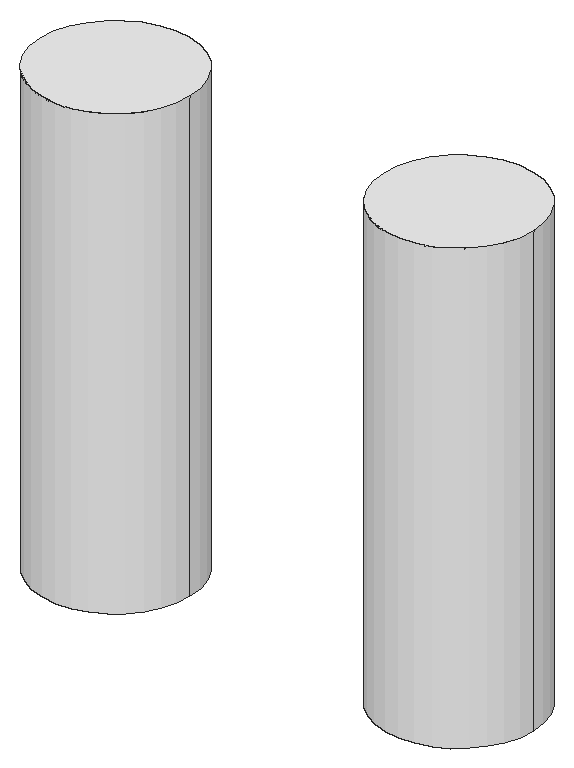
Revit family "45012283", category Plumbing Fixtures, Revit 2020
Family settings
  Round Connector Dimension = Use Diameter
  Part Type = Normal
  OmniClass Number = 23.45.55.00
  OmniClass Title = Sanitary Faucets, Wastes
  Work Plane-Based = No
  Always vertical = Yes
  Cut with Voids When Loaded = No
  Shared = No
  Room Calculation Point = No
Parameters (values of type "45012283 Washbasin faucet")
  Working Pressure = "50 - 1000 kPa"
  WarrantyStartDate [instance] = "n/a"
  WarrantyGuarantorParts = "n/a"
  WarrantyGuarantorLabor = "n/a"
  WarrantyDurationUnit = "Year"
  WarrantyDurationParts = "n/a"
  WarrantyDurationLabor = "n/a"
  WarrantyDescription = "http://warranty.hansa.com"
  Warranty Information URL = "http://warranty.hansa.com"
  VersionDate = "01/06/2023"
  Version = "1"
  ValvePattern = "n/a"
  ValveOperation = "n/a"
  ValveMechanism = "n/a"
  Uniclass2015Reference = "Pr_40_20_87_96"
  Uniclass2015Description = "Washbasin manual water supply sets"
  Uniclass2 = "Pr_40_30_96_96"
  URL UWL = "http://static.hansa.com/UWL/45012283"
  URL REACH = "http://static.hansa.com/doc/reach"
  URL Materials Declaration = "http://www.hansa.com/fileadmin/resources/182268_45012283_materialsdeclaration.pdf"
  URL Environmental Product Declaration EPD = "http://www.hansa.com/fileadmin/resources/184523_EPD_Washbasin faucet.pdf"
  URL EcoLabel Declaration = "http://static.hansa.com/doc/EcoLabel"
  URL EU Packaging Declaration = "http://static.hansa.com/doc/packaging"
  URL Declaration of SCIP = "http://static.hansa.com/doc/SCIP"
  URL Declaration of Conformity = "http://static.hansa.com/DoC/45012283"
  URL Declaration of Asbestos = "http://static.hansa.com/doc/asbestos"
  URL Declaration Of Performance (DOP) = "http://static.hansa.com/doc/DoP"
  URL ABP = "http://static.hansa.com/ABP/45012283"
  URL = ""
  UNSPSC Class Number = "30181700 Faucets or taps"
  TestPressure = "n/a"
  Temperature Adjustments = "Limitation option for maximum temperature and flow-rate ;Adjustable hot water stop (included, retrofittable)"
  Technical DataSheet URL = "http://www.hansa.com/datasheet/45012283/en"
  TagNumber [instance] = "n/a"
  SustainabilityPerformance = "n/a"
  Surface treatment = "Chrome"
  Spout Type = "Fixed spout"
  Spout Projection = "115 mm"
  Spare-Part Information URL = "http://static.hansa.com/sp/45012283"
  Size = "50x169x165 mm"
  Shape = "Sculptured"
  SerialNumber [instance] = "n/a"
  Sales Package dimensions (LxWxH) = "380 x 180 x 74"
  Revision = "n/a"
  ReplacementCost = "n/a"
  ProductInformation = "n/a"
  Product URL = "http://static.hansa.com/45012283"
  Product Image URL = "http://static.hansa.com/image/45012283"
  Product Family = "HANSAPINTO XL"
  Product Code = "45012283"
  OperatingMechanismMaterial = "n/a"
  NominalWidth = 50 mm
  NominalHeight = 165 mm
  NominalDepth = 168.5 mm
  Noise Class = "I (ISO 3822)"
  Name_en = "45012283 Washbasin faucet"
  Name = "45012283 Washbasin faucet"
  NBSReference = "45-35-70/371"
  NBSDescription = "Water supply fittings for wash basins and troughs"
  Mounting Holes = "1 hole"
  ModelReference = "45012283"
  ModelNumber = "n/a"
  Model = "45012283 Washbasin faucet"
  Mobile Product Information URL = "http://mpi.hansa.com/45012283"
  Mechanical Parts = "ø 40 mm ceramic cartridge for flow and temperature control"
  Max. Hot Water Supply = 70 °C
  Material = "Brass"
  Market = "Austria;Belgium;Czech Republic;Germany;Spain;France;International;Italy;Netherlands;Slovakia"
  ManufacturerURL = "http://www.hansa.com"
  ManufacturerName = "HANSA"
  Manufacturer = "HANSA"
  Lever Handle = "Hot/Cold symbols;Single operating lever/handle"
  Keynote = ""
  Interactive AR View URL = "https://static.hansa.com/AR/45012283"
  InstallationDate [instance] = "n/a"
  Installation and Maintenance Guide URL = "http://static.hansa.com/manual/45012283"
  Installation Type = "Deck mounted"
  InletConnectionSize = 10 mm
  IfcExportType = "FAUCET"  # constant formula
  IfcExportAs = "IfcValveType"  # constant formula
  Group = "Washbasin faucet"
  Grade = "n/a"
  FlowCoefficient = 0
  Flow Rate At 300kPa With Flow Controller = 0.1 L/s
  Flow Drawing URL = "http://static.hansa.com/flowchart/45012283"
  Finish = "Polished"
  Features = "Single-lever"
  FaucetMainMaterial = Brass
  FDV Document URL = "http://www.hansa.com/datasheet/45012283/en/fdv"
  Extensions = "Pop-up waste with draw-rod"
  ExpectedLife = "n/a"
  ETIM Class Number = "EC011328 Washbasin mixing tap"
  EN Standard = "EN 817"
  EAN Number = "4057304005596"
  DurationUnit = "Year"
  Dimension Drawing URL = "http://static.hansa.com/dimdrw/45012283"
  Description = ""
  DefaultElevation [instance] = 900 mm
  Default Elevation = 0 mm
  Constituents = "n/a"
  Connection Size = "G3/8"
  Connection = "Flexible inlet pipes"
  Color = "Chrome"
  CodePerformance = "n/a"
  CloseOffRating = 0
  Category = "Washbasin"
  Catalog Drawing URL = "http://static.hansa.com/catdrw/45012283"
  CO2 Emissions (D) = -6.69
  CO2 Emissions (C4) = 0.07
  CO2 Emissions (C3) = 0.02
  CO2 Emissions (C2) = 0.02
  CO2 Emissions (B7) = 1854
  CO2 Emissions (A4) = 0.26
  CO2 Emissions (A1-A3) = 9.41
  Brand = "HANSA"
  BodyMaterial = "Brass"
  Barcode [instance] = "n/a"
  Backflow Prevention EN1717 = "AA"
  BIMObjectName = "45012283"
  Author = "BIMStone"
  AssetType = "Fixed"
  AssetIdentifier [instance] = "n/a"
  Approval ABP = "P-IX 29684/IA"
  Aerator = "PCA® - constant flow rate regardless of pressure variations;Standard aerator"
  Advanced Features = "3S-installation system for safe and simple mounting;Inner body made of DZR brass"
  Additional Features = "grease without Silicon"
  AccessibilityPerformance = "n/a"
  3D View = "https://static.hansa.com/AR/45012283"
  2D/3D/BIM Files URL = "http://static.hansa.com/bim/45012283"
Reference planes
  plane 1 "Center (Front/Back)": y = 0
  plane 2: z = 0
  plane 3 "Center (Left/Right)": x = 0
  plane 4: x = -25
  plane 5: z = 900
  plane 6: z = 870
  plane 7: y = -168.5
  plane 8: x = 25
  plane 9: z = 1065
Forms (mm)
  Extrusion 1, solid, material "Brass" <- "FaucetMainMaterial"
    sketch origin (0, -17.801, 0) x (1, 0, 0) y (0, 1, 0)
      loop
        circle (-11.5, -22.5) r 5
      loop
        circle (11.5, -22.5) r 5
    from 870 to 900
Dimensions and locks
  "DefaultElevation": plane 5 to level
  locked: plane 5 to plane 6 at 30
  "NominalDepth": plane 7 to plane 1 "Center (Front/Back)"
  equal spacing: plane 4, plane 3 "Center (Left/Right)", plane 8
  "NominalHeight": plane 9 to plane 5
  "NominalWidth": plane 4 to plane 8
  "InletConnectionSize": diameter of Extrusion 1 sketch curve  (x2)
  aligned and locked: level to plane 2
  aligned and locked: plane 5 to Extrusion 1
  aligned and locked: Extrusion 1 to plane 6
  aligned and locked: nested 2 to plane 5
Automatic sketch dimensions
  Extrusion 1 sketch curve to plane 3 "Center (Left/Right)" = 11.5 mm
  plane 3 "Center (Left/Right)" to Extrusion 1 sketch curve = 11.5 mm
  plane 1 "Center (Front/Back)" to Extrusion 1 sketch curve = 40.301 mm  (x2)
Nested families
  nested 1: "Symbol" at (0, 0, 0), type "Symbol", detail levels coarse
  nested 2: "45012283_p" at (0, 0, 900), Material <- "FaucetMainMaterial", type "45012283_p"
    with Material Brass
Connectors
  piping at (-11.5, -40.301, 870), diameter 10, driven by "InletConnectionSize"
    settings: on Extrusion 1, index 1, connector inside diameter 609.6 mm, connector length 0 mm, flow factor 0, pipe flow 0.1 L/s, pressure drop 0.0 Pa, fitting loss kfactor 0, connector angle 0.00°, fixture units 0, engagement length 0 mm, angle of deflection 0.00°, flow configuration 1, flow direction 1, fitting loss method 0, system type 19, joint type 0, gender type 0, connector reference index -1, connector utility 0, adjustable connector no, is connector primary yes, connector description ""
  piping at (11.5, -40.301, 870), diameter 10, driven by "InletConnectionSize"
    settings: on Extrusion 1, index 2, connector inside diameter 609.6 mm, connector length 0 mm, flow factor 0, pipe flow 0.1 L/s, pressure drop 0.0 Pa, fitting loss kfactor 0, connector angle 0.00°, fixture units 0, engagement length 0 mm, angle of deflection 0.00°, flow configuration 1, flow direction 1, fitting loss method 0, system type 20, joint type 0, gender type 0, connector reference index -1, connector utility 0, adjustable connector no, is connector primary no, connector description ""
Definition of nested family "Symbol"
  Reference planes
    plane 1: y = 0
    plane 2: x = 0
  Lines and regions (mm)
    detail lines
      curve 1: line (0, 0, 0) -> (0, -1.8, 0)
      curve 2: line (-0.4, -1.1, 0) -> (0.4, -1.1, 0)
      curve 3: line (-0.4, -1.4, 0) -> (0.4, -1.4, 0)
      curve 4: line (0.863, 0, 0) -> (-0.863, 0, 0)
      curve 5: circle (-1.163, 0, 0) r 0.3 normal (0, 0, -1)
      curve 6: circle (1.163, 0, 0) r 0.3 normal (0, 0, 1)
Definition of nested family "45012283_p"
  Parameters (values of type "45012283_p")
    Material [instance] = none
    Default Elevation = 0 mm
  Reference planes
    plane 1 "Center (Front/Back)": y = 0
    plane 2: z = 0
    plane 3 "Center (Left/Right)": x = 0
    plane 4: x = 25
    plane 5: x = -25
    plane 6: z = 165
    plane 7: y = -168.377
  Forms (mm)
    Revolve 1, solid, material <- "Material", detail levels medium
      sketch origin (0, 0, 0) x (0, 1, 0) y (0, 0, 1)
        loop
          line (-15.596, -17.308) -> (-22.043, 167.295) -> (-46.143, 167.295) -> (-39.696, -17.308) -> (-15.596, -17.308)
        axis (-39.667, -18.148) -> (-46.143, 167.295)
      angle from 0 to 360
    Extrusion 2, void
      sketch origin (0, 0, 0) x (0, 1, 0) y (0, 0, 1)
        loop
          line (-7.751, 0) -> (-82.751, 0) -> (-82.751, -35) -> (-7.751, -35) -> (-7.751, 0)
      from -42.552 to 49.084
    Extrusion 3, solid, material <- "Material", detail levels medium
      sketch origin (0, 0, 20.012) x (0, 1, 0) y (0, 0, 1)
        loop
          line (-52.128, 100.109) -> (-166.447, 96.117)
          arc (-166.447, 96.117) -> (-167.952, 95.35) -> (-168.333, 93.703) r 2
          arc (-168.333, 93.703) -> (-166.83, 88.277) -> (-164.672, 83.077) r 45.832
          arc (-164.672, 83.077) -> (-164.422, 82.73) -> (-164.07, 82.486) r 1.263
          arc (-164.07, 82.486) -> (-152.761, 78.464) -> (-140.901, 76.617) r 64.206
          arc (-140.901, 76.617) -> (-139.509, 76.547) -> (-138.115, 76.508) r 64.206
          line (-138.115, 76.508) -> (-51.304, 76.508) -> (-52.128, 100.109)
      from -20 to 20
    Extrusion 4, solid, material <- "Material", detail levels medium
      sketch origin (0, 0, 0) x (1, 0, 0) y (0, 1, 0)
        loop
          arc (-13.829, -122.582) -> (-10.237, -130.408) -> (-2.372, -133.915) r 12.206
          arc (-2.372, -133.915) -> (0, -133.985) -> (2.372, -133.915) r 40.249
          arc (2.372, -133.915) -> (10.237, -130.408) -> (13.829, -122.582) r 12.206
          line (13.829, -122.582) -> (19.676, -38.964) -> (-19.676, -38.964) -> (-13.829, -122.582)
      from 157.001 to 165
    Extrusion 5, void
      sketch origin (0, 0, 0) x (0, 1, 0) y (0, 0, 1)
        loop
          line (-13.885, 165) -> (-13.885, 182) -> (-78.885, 182) -> (-78.885, 165) -> (-13.885, 165)
      from -47.108 to 70.007
    Extrusion 6, solid, material <- "Material", detail levels medium
      sketch origin (0, 0, 0) x (0, 1, 0) y (0, 0, 1)
        loop
          line (-21.646, 44.629) -> (-20.691, 17.285) -> (-15.182, 17.864) -> (-11.701, 35.306)
          arc (-11.701, 35.306) -> (-10.749, 36.974) -> (-8.986, 37.738) r 3.038
          line (-8.986, 37.738) -> (-3.047, 38.257)
          arc (-3.047, 38.257) -> (-1.378, 38.992) -> (-0.501, 40.591) r 2.837
          line (-0.501, 40.591) -> (0.011, 43.494) -> (-21.646, 44.629)
      from -5 to 5
    Revolve 7, solid, material <- "Material", detail levels medium
      sketch origin (0, 0, 20.012) x (0, 1, 0) y (0, 0, 1)
        loop
          line (-143.685, 69.022) -> (-139.86, 78.489) -> (-151.025, 83) -> (-154.771, 73.728) -> (-143.685, 69.022)
        axis (-151.025, 83) -> (-154.85, 73.533)
      angle from 0 to 360
    Extrusion 8, solid, material <- "Material", detail levels coarse
      sketch origin (0, 0, 0) x (0, 1, 0) y (0, 0, 1)
        loop
          line (-168.377, 0) -> (0, 0) -> (0, 165) -> (-168.377, 165) -> (-168.377, 0)
      from -25 to 25
  Cuts and joins
    Extrusion 2, Extrusion 5 cuts Revolve 1
    Extrusion 5 cuts Extrusion 4
    joined: Revolve 1, Extrusion 3, Extrusion 4, Extrusion 6, Revolve 7
  Lines and regions (mm)
    symbolic lines, detail levels medium+fine
      curve 1: line (0, -16.2, 0) -> (0, -64.401, 0)
      curve 2: line (0, -16.2, 0) -> (0, -16.818, 17.692)
      curve 3: line (0, -64.401, 0) -> (0, -66.911, 71.862)
      curve 4: line (0, -91.459, 95.986) -> (0, -137.8, 96.795)
      curve 5: arc (0, -66.911, 71.862) -> (0, -74.373, 88.821) -> (0, -91.459, 95.986) r 25
      curve 6: line (0, -20.443, 121.491) -> (0, -22.721, 121.411)
      curve 7: arc (0, -19.869, 127.396) -> (0, -20.631, 140.548) -> (0, -23.129, 153.483) r 99.197
      curve 8: arc (0, -68.865, 138.71) -> (0, -69.422, 130.498) -> (0, -69.497, 122.268) r 140.16
      curve 9: line (0, -19.869, 127.396) -> (0, -23.132, 127.282)
      curve 13: line (0, -22.721, 121.411) -> (0, -23.132, 127.282)
      curve 14: line (0, -66.321, 122.378) -> (0, -66.321, 119.889)
      curve 15: arc (0, -137.8, 96.795) -> (0, -139.194, 96.834) -> (0, -140.587, 96.904) r 64.206
      curve 16: arc (0, -163.756, 102.773) -> (0, -164.107, 103.016) -> (0, -164.358, 103.363) r 1.263
      curve 17: arc (0, -164.358, 103.363) -> (0, -166.515, 108.564) -> (0, -168.019, 113.99) r 45.832
      curve 18: arc (0, -166.132, 116.403) -> (0, -167.638, 115.636) -> (0, -168.019, 113.99) r 2
      curve 19: line (0, -143.708, 89.179) -> (0, -140.587, 96.904)
      curve 20: line (0, -165.803, 98.107) -> (0, -163.889, 102.845)
      curve 21: line (0, -165.803, 98.107) -> (0, -143.708, 89.179)
      curve 22: line (0, -17.752, 44.425) -> (0, 0.011, 43.494)
      curve 23: line (0, -16.818, 17.692) -> (0, -15.182, 17.864)
      curve 24: line (0, -15.182, 17.864) -> (0, -11.701, 35.306)
      curve 25: line (0, -0.501, 40.591) -> (0, 0.011, 43.494)
      curve 26: line (0, -3.047, 38.257) -> (0, -8.986, 37.738)
      curve 27: arc (0, -8.986, 37.738) -> (0, -10.749, 36.974) -> (0, -11.701, 35.306) r 3.038
      curve 28: arc (0, -3.047, 38.257) -> (0, -1.378, 38.992) -> (0, -0.501, 40.591) r 2.837
      curve 30: line (0, -17.752, 44.425) -> (0, -20.443, 121.491)
      curve 32: line (0, -66.321, 119.889) -> (0, -166.132, 116.403)
      curve 33: line (0, -66.321, 122.378) -> (0, -69.497, 122.268)
      curve 36: line (0, 0, 0) -> (-24.1, 0, 0)
      curve 37: line (-24.1, 0, 0) -> (-24.1, 0, 116.074)
      curve 38: arc (-25, 0, 122.827) -> (-22.82, 0, 143.023) -> (-16.415, 0, 162.3) r 95.437
      curve 39: arc (-16.415, 0, 162.3) -> (-15.229, 0, 163.736) -> (-13.481, 0, 164.383) r 3.583
      curve 40: line (-23.019, 0, 120.845) -> (-21.816, 0, 120.845)
      curve 41: line (-22.067, 0, 118.107) -> (-21.816, 0, 118.107)
      curve 42: line (-21.816, 0, 120.845) -> (-21.816, 0, 118.107)
      curve 43: arc (-24.1, 0, 116.074) -> (-23.505, 0, 117.511) -> (-22.067, 0, 118.107) r 2.033
      curve 44: arc (-23.019, 0, 120.845) -> (-24.421, 0, 121.426) -> (-25, 0, 122.827) r 1.981
      curve 53: arc (25, 0, 122.827) -> (22.82, 0, 143.023) -> (16.415, 0, 162.3) r 95.437
      curve 54: arc (16.415, 0, 162.3) -> (15.229, 0, 163.736) -> (13.481, 0, 164.383) r 3.583
      curve 55: arc (23.019, 0, 120.845) -> (24.421, 0, 121.426) -> (25, 0, 122.827) r 1.981
      curve 56: line (22.067, 0, 118.107) -> (21.816, 0, 118.107)
      curve 57: line (21.816, 0, 120.845) -> (21.816, 0, 118.107)
      curve 58: line (0, 0, 0) -> (24.1, 0, 0)
      curve 59: line (24.1, 0, 0) -> (24.1, 0, 116.074)
      curve 60: arc (24.1, 0, 116.074) -> (23.505, 0, 117.511) -> (22.067, 0, 118.107) r 2.033
      curve 65: line (21.816, 0, 120.845) -> (23.019, 0, 120.845)
      curve 67: line (-18.07, -156.246, 0) -> (-22.562, -54.848, 0)
      curve 68: line (0, -168.377, 0) -> (-5.39, -168.377, 0)
      curve 69: arc (-5.39, -168.377, 0) -> (-14.164, -164.856, 0) -> (-18.07, -156.246, 0) r 12.692
      curve 70: line (-5.304, -16.792, 0) -> (-4.796, -2.24, 0)
      curve 71: arc (-3.244, -0.364, 0) -> (-0.056, 0, 0) -> (3.134, -0.342, 0) r 14.589
      curve 72: arc (-4.796, -2.24, 0) -> (-4.339, -1.038, 0) -> (-3.244, -0.364, 0) r 1.996
      curve 78: arc (-21.528, -28.845, 0) -> (-24.736, -39.101, 0) -> (-24.276, -49.837, 0) r 31.213
      curve 79: arc (-24.276, -49.837, 0) -> (-23.41, -52.821, 0) -> (-22.154, -55.664, 0) r 23.321
      curve 80: arc (-5.304, -16.792, 0) -> (-14.813, -20.937, 0) -> (-21.528, -28.845, 0) r 22.964
      curve 83: line (18.07, -156.246, 0) -> (22.562, -54.848, 0)
      curve 84: line (0, -168.377, 0) -> (5.39, -168.377, 0)
      curve 85: arc (5.39, -168.377, 0) -> (14.164, -164.856, 0) -> (18.07, -156.246, 0) r 12.692
      curve 86: line (5.304, -16.792, 0) -> (4.796, -2.24, 0)
      curve 87: arc (4.796, -2.24, 0) -> (4.303, -0.996, 0) -> (3.134, -0.342, 0) r 1.996
      curve 93: arc (21.528, -28.845, 0) -> (24.736, -39.101, 0) -> (24.276, -49.837, 0) r 31.213
      curve 94: arc (24.276, -49.837, 0) -> (23.41, -52.821, 0) -> (22.154, -55.664, 0) r 23.321
      curve 95: arc (5.304, -16.792, 0) -> (14.813, -20.937, 0) -> (21.528, -28.845, 0) r 22.964
      curve 98: arc (-13.481, 0, 164.383) -> (0, 0, 165) -> (13.481, 0, 164.383) r 147.5
      curve 99: arc (0, -25.198, 155.154) -> (0, -78.369, 164.441) -> (0, -132.309, 162.468) r 258.145
      curve 100: arc (0, -132.309, 162.468) -> (0, -133.421, 161.749) -> (0, -133.594, 160.436) r 1.579
      curve 101: arc (0, -133.594, 160.436) -> (0, -132.959, 159.346) -> (0, -131.912, 158.642) r 2.819
      curve 102: arc (0, -131.912, 158.642) -> (0, -128.381, 157.72) -> (0, -124.735, 157.595) r 16.518
      curve 103: arc (0, -124.735, 157.595) -> (0, -100.931, 158.134) -> (0, -77.207, 156.108) r 220.914
      curve 104: arc (0, -77.207, 156.108) -> (0, -73.988, 155.063) -> (0, -71.323, 152.978) r 9.727
      curve 105: arc (0, -71.323, 152.978) -> (0, -70.064, 151.074) -> (0, -69.415, 148.885) r 7.733
      curve 106: arc (0, -69.415, 148.885) -> (0, -68.922, 143.809) -> (0, -68.865, 138.71) r 59.599
      curve 107: arc (0, -23.129, 153.483) -> (0, -23.993, 154.529) -> (0, -25.198, 155.154) r 3.399
    symbolic lines, detail levels fine
      curve 10: line (0, -52.922, 122.843) -> (0, -66.321, 122.378)
      curve 11: arc (0, -38.221, 126.759) -> (0, -42.01, 126.192) -> (0, -45.573, 124.785) r 16.871
      curve 12: arc (0, -45.573, 124.785) -> (0, -49.135, 123.387) -> (0, -52.922, 122.843) r 16.558
      curve 29: line (0, -16.818, 17.692) -> (0, -17.752, 44.425)
      curve 31: line (0, -22.721, 121.411) -> (0, -66.321, 119.889)
      curve 34: line (0, -23.132, 127.282) -> (0, -38.221, 126.759)
      curve 35: arc (0, -140.587, 96.904) -> (0, -152.447, 98.751) -> (0, -163.756, 102.773) r 64.206
      curve 45: circle (0, 0, 138.748) r 5.81 normal (0, -1, 0)
      curve 46: spline (10.777, 0, 91.595) -> (10.41, 0, 92.694) -> (9.333, 0, 93.718) -> (7.621, 0, 94.597) -> (5.389, 0, 95.272) -> (2.789, 0, 95.697) -> (0, 0, 95.841) -> (-2.789, 0, 95.697) -> (-5.389, 0, 95.272) -> (-7.621, 0, 94.597) -> (-9.333, 0, 93.718) -> (-10.41, 0, 92.694) -> (-10.777, 0, 91.595) -> (-10.41, 0, 90.495) -> (-9.333, 0, 89.471) -> (-7.621, 0, 88.592) -> (-5.389, 0, 87.917) -> (-2.789, 0, 87.493) -> (0, 0, 87.348) -> (2.789, 0, 87.493) -> (5.389, 0, 87.917) -> (7.621, 0, 88.592) -> (9.333, 0, 89.471) -> (10.41, 0, 90.495) -> (10.777, 0, 91.595)
      curve 47: line (-10.777, 0, 91.595) -> (-10.777, 0, 98.207)
      curve 48: line (10.777, 0, 91.595) -> (10.777, 0, 98.207)
      curve 49: arc (-10.777, 0, 98.207) -> (0, 0, 100.685) -> (10.777, 0, 98.207) r 24.675
      curve 50: arc (-17.45, 0, 112.652) -> (-0.005, 0, 112.258) -> (17.44, 0, 112.647) r 388.822
      curve 51: line (-24.1, 0, 116.074) -> (-17.45, 0, 112.652)
      curve 52: arc (-10.777, 0, 98.207) -> (-15.541, 0, 104.77) -> (-17.45, 0, 112.652) r 20.912
      curve 61: line (24.1, 0, 116.074) -> (17.44, 0, 112.647)
      curve 62: arc (10.777, 0, 98.207) -> (15.541, 0, 104.77) -> (17.45, 0, 112.652) r 20.912
      curve 63: line (-21.816, 0, 118.107) -> (0, 0, 118.107)
      curve 64: line (-21.816, 0, 120.845) -> (21.816, 0, 120.845)
      curve 66: line (21.816, 0, 118.107) -> (0, 0, 118.107)
      curve 73: line (-13.829, -120.845, 0) -> (-19.555, -38.964, 0)
      curve 74: arc (-2.372, -132.179, 0) -> (-10.237, -128.672, 0) -> (-13.829, -120.845, 0) r 12.206
      curve 75: line (-2.372, -132.179, 0) -> (0, -132.179, 0)
      curve 76: line (0, -22.198, 0) -> (-3.92, -22.198, 0)
      curve 77: arc (-19.555, -38.964, 0) -> (-15.383, -27.182, 0) -> (-3.92, -22.198, 0) r 15.673
      curve 81: arc (0, -16.43, 0) -> (-2.662, -16.458, 0) -> (-5.304, -16.792, 0) r 23.117
      curve 82: arc (-22.154, -55.664, 0) -> (-20.287, -58.654, 0) -> (-17.991, -61.328, 0) r 23.321
      curve 88: line (13.829, -120.845, 0) -> (19.555, -38.964, 0)
      curve 89: arc (2.372, -132.179, 0) -> (10.237, -128.672, 0) -> (13.829, -120.845, 0) r 12.206
      curve 90: line (2.372, -132.179, 0) -> (0, -132.179, 0)
      curve 91: line (0, -22.198, 0) -> (3.92, -22.198, 0)
      curve 92: arc (19.555, -38.964, 0) -> (15.383, -27.182, 0) -> (3.92, -22.198, 0) r 15.673
      curve 96: arc (0, -16.43, 0) -> (2.662, -16.458, 0) -> (5.304, -16.792, 0) r 23.117
      curve 97: arc (22.154, -55.664, 0) -> (20.287, -58.654, 0) -> (17.991, -61.328, 0) r 23.321
  Dimensions and locks
    aligned and locked: level to plane 2
